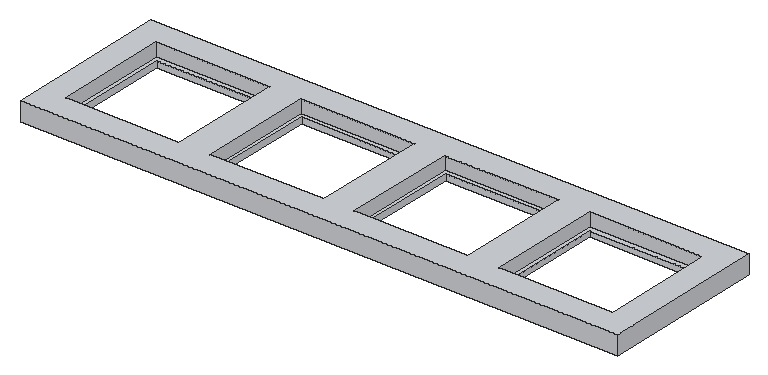
Revit family "Gira_021429", category Electrical Fixtures, host Face, Revit 2017
Family settings
  Host = Face
  Maintain Annotation Orientation = No
  Round Connector Dimension = Use Diameter
  Part Type = Normal
  Cut with Voids When Loaded = No
  Shared = No
  Room Calculation Point = No
Parameters (values of type "Cov.fr. 4-g Gira E2 p.white")
  With mounting grid = "No"
  With hinged lid = "No"
  URL = "http://katalog.gira.de/en/datenblatt.html?artikelnr=021429"
  Type of fastening = "Clamp mounting"
  Transparent = "No"
  Surface protection = "Other"
  Surface finishing = "Glossy"
  Suitable for wall duct = "No"
  Suitable for flush-mounted installation = "Yes"
  Suitable for floor box = "No"
  Suitable for built-in installation = "No"
  RAL-number (akin) = "9010"
  Number of units vertical = "4"
  Number of units horizontal = "4"
  Number of units = "4"
  Name = "Cov.fr. 4-g Gira E2 p.white"
  Mounting direction = "Horizontal and vertical"
  Material quality = "Thermoplastic"
  Material = "Plastic"
  Manufacturer URL = "https://www.gira.de/"
  Manufacturer = "Gira"
  Label space/information surface = "No"
  Keynote = ""
  HeinzeBIM = "https://bimportal.heinze.de/bim/cov-fr-4-g-gira-e2-p-white/708f3157e26045cee8a255f87d4bed7d36a42b1f"
  Halogen free = "Yes"
  HAN = "021429"
  GTIN = "4010337214298"
  Description = "Cov.fr.4g E2 PW,Gira E2 cover frame,pure white glossy,4-gang,Features:,- Shatter-proof.,,Notes :,- Also suitable for duct installation.,- In connection with the seal kit, frame (1-gang to 5-gang) is also suitable for installation as water-protected flush-mounted IP44."
  Degree of protection (IP) = "IP20"
  Default Elevation = 1219.2 mm
  Data sheet (1) = "https://katalog.gira.de/en/download.html?artikelnr=021429"
  Colour = "White"
  Category = "Cover frame for domestic switching devices"
  BIM (1) = "https://media.stage.bim.site/public/gira/36a6b08/E2_Rahmen_4fach.rfa"
  Available = "No"
Reference planes
  plane 1 "Center (Front/Back)": y = 0
  plane 2: z = 0
  plane 3 "Center (Left/Right)": x = 0
Forms (mm)
  Extrusion 1, solid, detail levels fine
    sketch origin (0, 0, 0) x (1, 0, 0) y (0, 1, 0)
      loop
        line (147.35, 40.4) -> (-147.35, 40.4) -> (-147.35, -40.4) -> (147.35, -40.4) -> (147.35, 40.4)
      loop
        line (78.898, 28.052) -> (78.898, -28.052) -> (135.002, -28.052) -> (135.002, 28.052) -> (78.898, 28.052)
      loop
        line (7.598, 28.052) -> (7.598, -28.052) -> (63.702, -28.052) -> (63.702, 28.052) -> (7.598, 28.052)
      loop
        line (-63.702, 28.052) -> (-63.702, -28.052) -> (-7.598, -28.052) -> (-7.598, 28.052) -> (-63.702, 28.052)
      loop
        line (-135.002, 28.052) -> (-135.002, -28.052) -> (-78.898, -28.052) -> (-78.898, 28.052) -> (-135.002, 28.052)
    from 0 to 9.3
  Extrusion 2, solid, detail levels fine
    sketch origin (-106.85, 0, 0) x (1, 0, 0) y (0, 1, 0)
      loop
        line (-28.152, -28.152) -> (28.152, -28.152) -> (28.152, 28.152) -> (-28.152, 28.152) -> (-28.152, -28.152)
      loop
        line (25.9, -25.7) -> (25.9, 25.7) -> (-25.9, 25.7) -> (-25.9, -25.7) -> (25.9, -25.7)
    from 0 to 3
  Extrusion 3, solid, detail levels coarse+medium
    sketch origin (0, 0, 0) x (1, 0, 0) y (0, 1, 0)
      loop
        line (147.35, 40.4) -> (-147.35, 40.4) -> (-147.35, -40.4) -> (147.35, -40.4) -> (147.35, 40.4)
    from 0 to 9.3
  Extrusion 4, solid, detail levels fine
    sketch origin (-35.55, -0.047, 0) x (1, 0, 0) y (0, 1, 0)
      loop
        line (-28.152, -28.106) -> (28.152, -28.106) -> (28.152, 28.199) -> (-28.152, 28.199) -> (-28.152, -28.106)
      loop
        line (25.9, -25.653) -> (25.9, 25.747) -> (-25.9, 25.747) -> (-25.9, -25.653) -> (25.9, -25.653)
    from 0 to 3
  Extrusion 5, solid, detail levels fine
    sketch origin (106.85, -0.047, 0) x (1, 0, 0) y (0, 1, 0)
      loop
        line (-27.952, -28.006) -> (28.152, -28.006) -> (28.152, 28.099) -> (-27.952, 28.099) -> (-27.952, -28.006)
      loop
        line (26, -25.653) -> (26, 25.747) -> (-25.9, 25.747) -> (-25.9, -25.653) -> (26, -25.653)
    from 0 to 3
  Extrusion 6, solid, detail levels fine
    sketch origin (35.55, -0.047, 0) x (1, 0, 0) y (0, 1, 0)
      loop
        line (-27.952, -28.006) -> (28.152, -28.006) -> (28.152, 28.099) -> (-27.952, 28.099) -> (-27.952, -28.006)
      loop
        line (26, -25.653) -> (26, 25.747) -> (-25.9, 25.747) -> (-25.9, -25.653) -> (26, -25.653)
    from 0 to 3
Dimensions and locks
  aligned and locked: plane 2 to host face
  aligned and locked: level to host face
